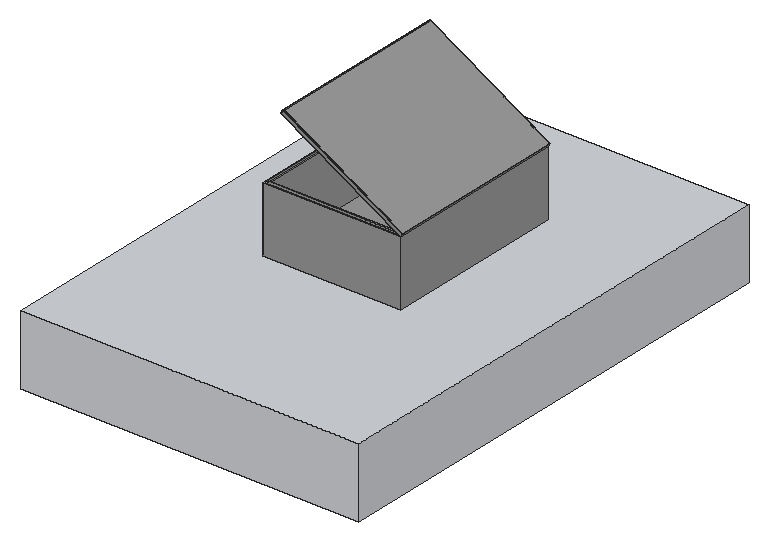
Revit family "Hager-Orion_Inox-IP65-D300-Cl.I-Inox_encl-630A-800mm-IT-it", category Equipement électrique, Revit 2020
Family settings
  Hôte = Face
  Configuration du panneau = Deux colonnes, circuits au sein
  Cote de connecteur circulaire = Utiliser le diamètre
  Type d'élément = Tableau de raccordement
  Couper avec des vides une fois chargée = Non
  Partagée = Non
  Point de calcul de pièce = Non
Parameters (values of type "incassato IP65 L600 A800 P300  - FL729BW")
  Width Control [instance] = if([EF000008 - Larghezza] > Min Width, [EF000008 - Larghezza], Min Width)  # 600 mm
  Commentaires du type = [HG000003 - Gamma]  # "Orion Inox"
  Thickness Door [instance] = if([EF009171 - spessore materiale porta/coperchio] > 3 mm, 3 mm, [EF009171 - spessore materiale porta/coperchio])  # 1.5 mm
  Seal Frame Offset [instance] = 17 mm  # constant formula
  Model = ""
  Min Width [instance] = 100 mm  # constant formula
  Min Height [instance] = 100 mm  # constant formula
  Min Depth [instance] = (2 * [EF009170 - spessore materiale scatola]) + 1 mm  # 3.4 mm
  Internal Frame Depth [instance] = (Door System Depth * 0.5)  # 9 mm
  Height Control [instance] = if([EF000040 - Altezza] > Min Height, [EF000040 - Altezza], Min Height)  # 800 mm
  HG000027 - Altezza dello zoccolo = 0 mm
  HG000026 - A pavimento = no
  HG000024 - Altezza della sezione inferiore = 800 mm
  HG000023 - Custodia a doppia sezione = no
  HG000016 - Visibilità delle porte nella vista 3D [instance] = yes
  HG000015 - Visibilità attraverso la porta [instance] = no
  HG000014 - Porta destra [instance] = yes
  HG000013 - Porta sinistra [instance] = not([HG000014 - Porta destra])  # no
  HG000012 - Angolo di apertura della porta [instance] = 30.00°
  HG000010 - Porte asimmetriche = no
  HG000009 - Porta doppia a battente = no
  HG000006 - Ad incasso = yes
  HG000004 - Codice produttore = "FL729BW"
  HG000003 - Gamma = "Orion Inox"
  HG000002 - Con porta = yes
  Frame Offset Bottom [instance] = 10 mm  # constant formula
  Frame Offset [instance] = 15 mm  # constant formula
  EF015940 - Coprire con rilascio di sovrapressione = no
  EF011959 - tipo di protezione (NEMA) = ""
  EF009554 - numero delle aperture per la piastra della flangia = 2
  Fabricant = "Hager"  # constant formula
  EF009212 - esecuzione coperchio = "EV009916 - con taglio"
  EF009171 - spessore materiale porta/coperchio = 1.5 mm
  EF009170 - spessore materiale scatola = 1.2 mm
  EF008873 - corrente nominale (In) = 630 A
  EF007800 - adatto per parafulmine = no
  EF006306 - con serratura = yes
  EF006244 - coperchio/porta trasparente = no
  EF005474 - grado di protezione (IP) = "EV006421 - IP65"
  EF004464 - tipo di porta = "EV002646 - singolo"
  EF004427 - numero di moduli = 0
  EF004293 - resistenza agli urti = "EV008784 - IK10"
  EF003532 - adatto per uso esterno = yes
  EF002950 - Numero moduli DIN = 0
  EF001613 - Integrità del circuito = ""
  EF001596 - Attacco Lampada = "EV000166 - acciaio inossidabile"
  EF001131 - profondità interna = 200 mm
  EF001088 - possibilità di applicazione = no
  EF000437 - numero di ingressi per conduttori = 2
  EF000339 - tipo di copertura = "EV004216 - porta"
  EF000266 - numero di file = 0
  EF000218 - profondità di incasso = 0 mm
  EF000118 - con piastra di montaggio = yes
  EF000116 - numero RAL = ""
  EF000049 - profondità = 300 mm
  EF000040 - Altezza = 800 mm
  EF000008 - Larghezza = 600 mm
  EF000007 - colore = "EV000154 - altri"
  EF000003 - Tipo di montaggio = "EV001247 - apparente/incassato"
  Door System Leaf Tolerance [instance] = 1.5 mm  # constant formula
  Door System Depth [instance] = 18 mm  # constant formula
  Depth Control [instance] = if([EF000049 - profondità] > Min Depth, [EF000049 - profondità], Min Depth)  # 300 mm
  Default Elevation = 0 mm
Types (2, lengths in mm): name | HG000006 - Ad incasso
  apparente IP65 L600 A800 P300  - FL729BW | no
  incassato IP65 L600 A800 P300  - FL729BW | yes
Reference planes
  plane 1 "Center (Front/Back)": y = 0
  plane 2: z = 0
  plane 3 "Center (Left/Right)": x = 0
  plane 4: z = 300
  plane 5: y = 1.2
  plane 6: y = 400
  plane 7: y = 0
  plane 8: y = 800
  plane 9: z = 0
  plane 10: x = -285
  plane 11: x = 285
  plane 12: x = 283.8
  plane 13: x = -283.8
  plane 14: y = 798.8
  plane 15: x = -283
  plane 16: x = -300
  plane 17: x = 283
  plane 18: x = 300
  plane 19: x = 298.8
  plane 20: x = -298.8
  plane 21: y = 11.2
  plane 22: y = 800
  plane 23: y = 783.8
  plane 24: z = 282
  plane 25: z = 1.2
  plane 26: z = 280.8
  plane 27: z = 298.8
Forms (mm)
  Extrusion 1, solid
    sketch origin (0, 0, 0) x (1, 0, 0) y (0, 1, 0)
      loop
        line (-702.964, 1305) -> (-702.964, -811.445) -> (766.763, -811.445) -> (766.763, 1305) -> (-702.964, 1305)
    from 0 to -304.8
  Extrusion 2, solid, material "Hager_Stainless_Steel", detail levels medium+fine
    sketch origin (0, 0, 0) x (1, 0, 0) y (0, 1, 0)
      loop
        line (-300, 0) -> (300, 0) -> (300, 800) -> (-300, 800) -> (-300, 0)
    from 0 to 282
  Extrusion 3, solid, material "Hager_Steel_RAL 7035_Light_Grey", not visible, detail levels medium+fine
    sketch origin (0, 28.16, 50.802) x (0, 1, 0) y (0, 0, 1)
      loop
        line (423.34, -50.802) -> (423.34, 237.998)
        arc (423.34, 237.998) -> (420.411, 245.069) -> (413.34, 247.998) r 10
        line (413.34, 247.998) -> (383.34, 247.998) -> (383.34, -50.802) -> (423.34, -50.802)
    from -298.8 to 298.8
  Extrusion 4, void
    sketch origin (0, 0, 0) x (1, 0, 0) y (0, 1, 0)
      loop
        line (-298.8, 1.2) -> (298.8, 1.2) -> (298.8, 798.8) -> (-298.8, 798.8) -> (-298.8, 1.2)
    from 1.2 to 280.8
  Extrusion 5, void
    sketch origin (-381.607, -4572, 282) x (0, -1, 0) y (-1, 0, 0)
      loop
        line (-4583.2, -97.807) -> (-5355.8, -97.807) -> (-5355.8, -665.407) -> (-4583.2, -665.407) -> (-4583.2, -97.807)
    from 0 to 1.2 <- "EF009170 - spessore materiale scatola"
  Extrusion 6, solid, material "Hager_Stainless_Steel", detail levels fine
    sketch origin (-381.607, -4572, 282) x (-1, 0, 0) y (0, -1, 0)
      loop
        line (-97.807, -4583.2) -> (-665.407, -4583.2) -> (-665.407, -5355.8) -> (-97.807, -5355.8) -> (-97.807, -4583.2)
      loop
        line (-97.107, -4581.7) -> (-666.107, -4581.7) -> (-666.107, -5357.3) -> (-97.107, -5357.3) -> (-97.107, -4581.7)
    from 0 to 9 <- "Internal Frame Depth"
  Extrusion 7, solid, material "Hager_Stainless_Steel", detail levels coarse
    sketch origin (0, 0, 0) x (1, 0, 0) y (0, 1, 0)
      loop
        line (-300, 0) -> (300, 0) -> (300, 800) -> (-300, 800) -> (-300, 0)
    from 0 to 300
Cuts and joins
  Extrusion 4, Extrusion 5 cuts Extrusion 2
Lines and regions (mm)
  Masking region 1
    outline origin (0, 0, 0) x (1, 0, 0) y (0, 0, 1)
      loop
        line (-300, 300) -> (-300, 0) -> (300, 0) -> (300, 300) -> (-300, 300)
  Masking region 2, detail levels medium+fine
    outline origin (0, 140, 0) x (0, 1, 0) y (0, 0, 1)
      loop
        line (-140, 0) -> (660, 0) -> (660, 282) -> (-140, 282) -> (-140, 0)
  Masking region 3, not visible, detail levels medium+fine
    outline origin (0, 297.922, 0) x (0, 1, 0) y (0, 0, 1)
      loop
        line (113.578, 0) -> (153.578, 0) -> (153.578, 288.8)
        arc (153.578, 288.8) -> (150.649, 295.871) -> (143.578, 298.8) r 10
        line (143.578, 298.8) -> (113.578, 298.8) -> (113.578, 0)
  Masking region 4, detail levels coarse
    outline origin (0, 0, 180) x (0, 1, 0) y (0, 0, 1)
      loop
        line (0, -180) -> (800, -180) -> (800, 120) -> (0, 120) -> (0, -180)
  Masking region 5
    outline origin (-381.607, -4572, 282) x (-1, 0, 0) y (0, -1, 0)
      loop
        line (-81.607, -5372) -> (-81.607, -4572) -> (-681.607, -4572) -> (-681.607, -5372) -> (-81.607, -5372)
Dimensions and locks
  "Depth Control": plane 4 to Extrusion 1
  "EF009170 - spessore materiale scatola": plane 5 to plane 7
  locked: connector elem to plane 3 "Center (Left/Right)"
  equal spacing: plane 8, plane 6, plane 7
  locked: connector elem to plane 6
  "EF009170 - spessore materiale scatola": plane 8 to plane 14
  "EF009170 - spessore materiale scatola": plane 10 to plane 13
  "EF009170 - spessore materiale scatola": plane 12 to plane 11
  "Frame Offset": plane 20 to plane 13
  "Frame Offset": plane 12 to plane 19
  "EF009170 - spessore materiale scatola": plane 16 to plane 20
  "EF009170 - spessore materiale scatola": plane 19 to plane 18
  "Seal Frame Offset": plane 16 to plane 15
  "Seal Frame Offset": plane 17 to plane 18
  "Frame Offset Bottom": plane 21 to plane 5
  "Frame Offset": plane 14 to plane 23
  equal spacing: plane 16, plane 3 "Center (Left/Right)", plane 18
  "Width Control": plane 16 to plane 18
  "EF009170 - spessore materiale scatola": plane 4 to plane 27
  "EF009170 - spessore materiale scatola": plane 24 to plane 26
  "EF009170 - spessore materiale scatola": plane 25 to level
  "Door System Depth": plane 4 to plane 24
  "Height Control": plane 1 "Center (Front/Back)" to Extrusion 7 sketch curve
  "Height Control": Masking region 4 sketch curve to plane 1 "Center (Front/Back)"
  "Thickness Door": Extrusion 6 sketch curve to plane 15
  "Thickness Door": plane 21 to Extrusion 6 sketch curve
  "Thickness Door": plane 17 to Extrusion 6 sketch curve
  "Thickness Door": Extrusion 6 sketch curve to plane 23
  "Height Control": plane 1 "Center (Front/Back)" to plane 22
  radius of Masking region 3 sketch curve = 10 mm
  radius of Extrusion 3 sketch curve = 10 mm
  aligned and locked: plane 2 to Extrusion 1
  aligned and locked: level to Extrusion 1
  aligned and locked: level to Masking region 1 sketch curve
  aligned and locked: Masking region 1 sketch curve to plane 18
  aligned and locked: Masking region 1 sketch curve to plane 16
  aligned and locked: plane 7 to Masking region 2 sketch curve
  aligned and locked: level to Masking region 3 sketch curve
  aligned and locked: Masking region 3 sketch curve to plane 27
  aligned and locked: level to Masking region 2 sketch curve
  aligned and locked: Extrusion 2 sketch curve to plane 7
  aligned and locked: plane 16 to Extrusion 2 sketch curve
  aligned and locked: plane 18 to Extrusion 2 sketch curve
  aligned and locked: Extrusion 3 sketch curve to level
  aligned and locked: plane 27 to Extrusion 3 sketch curve
  aligned and locked: plane 20 to Extrusion 3
  aligned and locked: plane 19 to Extrusion 3
  aligned and locked: plane 20 to Extrusion 4 sketch curve
  aligned and locked: plane 19 to Extrusion 4 sketch curve
  aligned and locked: Extrusion 4 sketch curve to plane 5
  aligned and locked: Extrusion 4 to plane 25
  aligned and locked: plane 26 to Extrusion 4
  aligned and locked: plane 24 to Extrusion 2
  aligned and locked: Extrusion 5 sketch curve to plane 21
  aligned and locked: Extrusion 5 sketch curve to plane 13
  aligned and locked: Extrusion 5 sketch curve to plane 12
  aligned and locked: plane 18 to Extrusion 7 sketch curve
  aligned and locked: plane 1 "Center (Front/Back)" to Extrusion 7 sketch curve
  aligned and locked: plane 16 to Extrusion 7 sketch curve
  aligned and locked: plane 4 to Extrusion 7
  aligned and locked: Extrusion 7 to level
  aligned and locked: level to Masking region 4 sketch curve
  aligned and locked: Masking region 4 sketch curve to plane 1 "Center (Front/Back)"
  aligned and locked: Masking region 4 sketch curve to plane 4
  aligned and locked: nested 1 to level
  aligned and locked: nested 1 to plane 16
  aligned and locked: plane 8 to Extrusion 2 sketch curve
  aligned and locked: plane 23 to Extrusion 5 sketch curve
  aligned and locked: plane 14 to Extrusion 4 sketch curve
  aligned and locked: Extrusion 6 sketch curve to plane 21
  aligned and locked: plane 13 to Extrusion 6 sketch curve
  aligned and locked: plane 23 to Extrusion 6 sketch curve
  aligned and locked: plane 12 to Extrusion 6 sketch curve
  aligned and locked: Masking region 2 sketch curve to plane 8
  aligned and locked: Masking region 2 sketch curve to plane 24
  aligned and locked: nested 2 to plane 3 "Center (Left/Right)"
  aligned and locked: nested 2 to plane 24
  aligned and locked: Masking region 5 sketch curve to plane 1 "Center (Front/Back)"
  aligned and locked: Masking region 5 sketch curve to plane 18
  aligned and locked: Masking region 5 sketch curve to plane 22
  aligned and locked: Masking region 5 sketch curve to plane 16
  aligned and locked: plane 8 to plane 22
  aligned and locked: plane 7 to plane 1 "Center (Front/Back)"
  aligned and locked: nested 2 to plane 1 "Center (Front/Back)"
Automatic sketch dimensions
  Extrusion 1 sketch curve to Extrusion 1 sketch curve = 1469.727 mm
  Extrusion 1 sketch curve to Extrusion 1 sketch curve = 2116.445 mm
  plane 6 to Masking region 3 sketch curve = 11.5 mm
  Masking region 3 sketch curve to Masking region 3 sketch curve = 30 mm
  plane 6 to Extrusion 3 sketch curve = 11.5 mm
  Extrusion 3 sketch curve to Extrusion 3 sketch curve = 30 mm
  Masking region 1 sketch curve to plane 4 = 0 mm
Nested families
  nested 1: "Hager_Enclosure_Symbol" at (-300, 0, 0) x (1, 0, 0) z (0, -1, 0), Height <- "Depth Control", Width <- "Width Control", type "Hager_Enclosure_Symbol"
    with Width_Ctrl 600 mm, Width 600 mm, Height_Ctrl 300 mm, Height 300 mm, A_Width_Int 19.688 mm, A_Width 236.25 mm, A_Height_Ctrl 262.5 mm, A_Height 262.5 mm
  nested 2: "EC000058_OrionInox_Door" at (0, 800, 282) x (1, 0, 0) z (0, -1, 0), Leaf_Tolerance <- "Door System Leaf Tolerance", Angle <- "HG000012 - Angolo di apertura della porta", Door_Depth <- "Door System Depth", Door_Left <- "HG000013 - Porta sinistra", Transparent <- "EF006244 - coperchio/porta trasparente", Assymetrical <- "HG000010 - Porte asimmetriche", Width <- "Width Control", Clearance <- "HG000015 - Visibilità attraverso la porta", Double <- "HG000009 - Porta doppia a battente", 3d_Door <- "HG000016 - Visibilità delle porte nella vista 3D", Width_Ctrl <- "Width Control", Door_Right <- "HG000014 - Porta destra", Door <- "HG000002 - Con porta", Height <- "Height Control", Thickness <- "Thickness Door", type "EC000058_OrionInox_Door", detail levels medium+fine
    with min_wh 4 mm, Width_Ctrl 600 mm, Width 600 mm, Transparent no, Thickness 1.5 mm, Seal_Material Hager_Rubber, Leaf_Width 600 mm, Leaf_Tolerance_External_Sides 0 mm, Leaf_Tolerance 1.5 mm, Leaf_Offset 0 mm, Leaf_Height 797 mm, Leaf_2_Width 600 mm, Leaf_2_Offset 300 mm, Leaf_1_Width 600 mm, Leaf_1_Offset 300 mm, Height_Ctrl 800 mm, Height 800 mm, Glass_Material Hager_Glass, Double_Clearance_Ctrl no, Double no, Door_Right_Ctrl yes, Door_Right yes, Door_Material Hager_Stainless_Steel, Door_Left_Ctrl no, Door_Left no, Door_Depth 18 mm, Door yes, Clearance_Material Hager_Clearance, Clearance_Depth 600 mm, Clearance_Ctrl no, Clearance no, Assymetrical no, Angle 30.00°, 3d_Door yes
Connectors
  electrical at (0, 400, 0)
    settings: on plane 9, index 1, voltage 0 V, apparent load 0 VA, apparent load phase1 0 VA, apparent load phase2 0 VA, apparent load phase3 0 VA, power factor 1, load classification "Other", number of poles 1, system type 30, power factor state 1, is connector primary yes, connector utility no, sub classification motor no, connector description ""
Definition of nested family "EC000058_OrionInox_Door"
  Parameters (values of type "EC000058_OrionInox_Door")
    min_wh [instance] = (2 * Thickness) + 1 mm  # 11 mm
    Width_Ctrl [instance] = 400 mm
    Width [instance] = 500 mm
    Transparent [instance] = yes
    Thickness [instance] = 5 mm
    Seal_Material [instance] = none
    Leaf_Width [instance] = if((Width_Ctrl - 2 * Leaf_Tolerance_External_Sides) > 0 mm, (Width_Ctrl - 2 * Leaf_Tolerance_External_Sides), min_wh)  # 400 mm
    Leaf_Tolerance_External_Sides [instance] = 0 mm  # constant formula
    Leaf_Tolerance [instance] = 1.5 mm
    Leaf_Offset [instance] = 0 mm  # constant formula
    Leaf_Height [instance] = if((Height_Ctrl - 2 * Leaf_Tolerance) > 0 mm, (Height_Ctrl - 2 * Leaf_Tolerance), min_wh)  # 497 mm
    Leaf_2_Width [instance] = if(and(and(Double, Assymetrical), Door_Left), (Leaf_Width / 3) - (Leaf_Tolerance / 2), if(and(and(Double, Assymetrical), Door_Right), (Leaf_Width / 3) * 2 - (Leaf_Tolerance / 2), if(and(Double, not(Assymetrical)), (Leaf_Width / 2) - Leaf_Tolerance, Leaf_Width)))  # 400 mm
    Leaf_2_Offset [instance] = if(and(Double, Assymetrical), Leaf_2_Width / 2, if(and(Double, not(Assymetrical)), Leaf_Width / 4, Leaf_Width / 2))  # 200 mm
    Leaf_1_Width [instance] = if(and(and(Double, Assymetrical), Door_Right), (Leaf_Width / 3) - (Leaf_Tolerance / 2), if(and(and(Double, Assymetrical), Door_Left), (Width / 3) * 2 - (Leaf_Tolerance / 2), if(and(Double, not(Assymetrical)), (Leaf_Width / 2) - Leaf_Tolerance, Leaf_Width)))  # 400 mm
    Leaf_1_Offset [instance] = if(and(Double, Assymetrical), Leaf_1_Width / 2, if(and(Double, not(Assymetrical)), Leaf_Width / 4, Leaf_Width / 2))  # 200 mm
    Height_Ctrl [instance] = if(Height > min_wh, Height, min_wh)  # 500 mm
    Height [instance] = 500 mm
    Glass_Material [instance] = none
    Double_Clearance_Ctrl [instance] = and(Double, Clearance)  # no
    Double [instance] = no
    Door_Right_Ctrl [instance] = and(or(Door_Right, Double), Door)  # yes
    Door_Right [instance] = yes
    Door_Material [instance] = none
    Door_Left_Ctrl [instance] = and(or(Door_Left, Double), Door)  # no
    Door_Left [instance] = no
    Door_Depth [instance] = 30 mm
    Door [instance] = yes
    Default Elevation = 1219.2 mm
    Clearance_Material [instance] = none
    Clearance_Depth [instance] = if(Leaf_1_Width > Leaf_2_Width, Leaf_1_Width, Leaf_2_Width)  # 400 mm
    Clearance_Ctrl [instance] = and(not(Double), Clearance)  # yes
    Clearance [instance] = yes
    Assymetrical [instance] = yes
    Angle [instance] = 30.00°
    3d_Door [instance] = yes
  Reference planes
    plane 1 "Center (Front/Back)": y = 0
    plane 2 "Bottom": z = 0
    plane 3 "Center (Left/Right)": x = 0
    plane 4: z = 500
    plane 5: x = -200
    plane 6: x = 200
    plane 7: z = 500
    plane 8: x = -200
    plane 9: z = 0
    plane 10: x = 200
    plane 11: y = 0
    plane 12: z = 1.5
    plane 13: x = -600
    plane 14: y = -400
    plane 15: x = 600
    plane 16: x = 0
    plane 17: x = 0
    plane 18: x = -200
    plane 19: x = 200
    plane 20: z = 498.5
  Forms (mm)
    Extrusion 1, solid, material <- "Clearance_Material", visible <- "Double_Clearance_Ctrl"
      sketch origin (1200, 0, 0) x (1, 0, 0) y (0, 0, -1)
        loop
          line (-1800, -498.5) -> (-600, -498.5) -> (-600, 0) -> (-1800, 0) -> (-1800, -498.5)
      from 0 to -400
  Dimensions and locks
    equal spacing: plane 5, plane 3 "Center (Left/Right)", plane 6
    "Width_Ctrl": plane 5 to plane 6
    "Leaf_Offset": plane 5 to plane 8
    "Leaf_Offset": plane 6 to plane 10
    "Leaf_Offset": plane 9 to level
    "Leaf_Offset": plane 4 to plane 7
    "Height_Ctrl": plane 4 to level
    "Leaf_Tolerance": plane 12 to plane 9
    locked: plane 11 to plane 1 "Center (Front/Back)"
    "Leaf_1_Offset": plane 18 to plane 16
    "Leaf_2_Offset": plane 17 to plane 19
    "Leaf_1_Width": plane 13 to plane 8
    "Leaf_2_Width": plane 10 to plane 15
    "Clearance_Depth": plane 14 to plane 1 "Center (Front/Back)"
    "Leaf_Tolerance_External_Sides": plane 8 to plane 18
    "Leaf_Tolerance_External_Sides": plane 19 to plane 10
    "Leaf_Tolerance": plane 7 to plane 20
    aligned and locked: level to plane 2 "Bottom"
    aligned and locked: nested 1 to plane 16
    aligned and locked: nested 2 to plane 17
    aligned and locked: Extrusion 1 to plane 13
    aligned and locked: plane 15 to Extrusion 1
    aligned and locked: Extrusion 1 to plane 14
    aligned and locked: plane 12 to nested 1
    aligned and locked: nested 2 to plane 12
    aligned and locked: Extrusion 1 to plane 11
    aligned and locked: plane 20 to Extrusion 1
    aligned and locked: nested 2 to plane 11
    aligned and locked: nested 1 to plane 11
  Automatic sketch dimensions
    Extrusion 1 sketch curve to level = 0 mm
    plane 5 to Extrusion 1 sketch curve = 400 mm
    plane 6 to Extrusion 1 sketch curve = 400 mm
    Extrusion 1 sketch curve to plane 4 = 1.5 mm
  Nested families
    nested 1: "EC000058_OrionInox_Door_Leaf" at (0, 0, 1.5), Width <- "Leaf_1_Width", visible <- "Door_Left_Ctrl", Leaf_Height <- "Leaf_Height", Angle <- "Angle", 3d_Door <- "3d_Door", Transparent <- "Transparent", Clearance Material <- "Clearance_Material", Clearance <- "Clearance_Ctrl", Door_Material <- "Door_Material", Glass_Material <- "Glass_Material", Door_Depth <- "Door_Depth", Seal_Material <- "Seal_Material", Thickness <- "Thickness", type "EC000058_OrionInox_Door_Leaf"
      with Width 400 mm, Transparent_Ctrl yes, Transparent yes, Thickness 5 mm, Standard no, Seal_Material none, Seal_D2 8 mm, Seal_D1 1 mm, Offset_Internal_Frame 10 mm, Lock_Width 28 mm, Lock_Thickness 2 mm, Lock_Radius 6 mm, Leaf_Height 497 mm, Internal_Seal_Thickness 8 mm, Internal_Seal_Depth_2 4.5 mm, Internal_Frame_Depth 25 mm, Glass_Thickness -1 mm, Glass_Offset -2 mm, Glass_Material none, Door_Material none, Door_Depth 30 mm, Clearance Material none, Clearance yes, Angle_Ctrl 30.00°, Angle 30.00°, 3d_Door yes
    nested 2: "EC000058_OrionInox_Door_Leaf" at (0, 0, 1.5) x (-1, 0, 0) z (0, 0, 1), Width <- "Leaf_2_Width", visible <- "Door_Right_Ctrl", Leaf_Height <- "Leaf_Height", Angle <- "Angle", 3d_Door <- "3d_Door", Transparent <- "Transparent", Clearance Material <- "Clearance_Material", Clearance <- "Clearance_Ctrl", Door_Material <- "Door_Material", Glass_Material <- "Glass_Material", Door_Depth <- "Door_Depth", Seal_Material <- "Seal_Material", Thickness <- "Thickness", type "EC000058_OrionInox_Door_Leaf"
      with Width 400 mm, Transparent_Ctrl yes, Transparent yes, Thickness 5 mm, Standard no, Seal_Material none, Seal_D2 8 mm, Seal_D1 1 mm, Offset_Internal_Frame 10 mm, Lock_Width 28 mm, Lock_Thickness 2 mm, Lock_Radius 6 mm, Leaf_Height 497 mm, Internal_Seal_Thickness 8 mm, Internal_Seal_Depth_2 4.5 mm, Internal_Frame_Depth 25 mm, Glass_Thickness -1 mm, Glass_Offset -2 mm, Glass_Material none, Door_Material none, Door_Depth 30 mm, Clearance Material none, Clearance yes, Angle_Ctrl 30.00°, Angle 30.00°, 3d_Door yes
  Definition of nested family "EC000058_OrionInox_Door_Leaf"
    Parameters (values of type "EC000058_OrionInox_Door_Leaf")
      Width [instance] = 450 mm
      Transparent_Ctrl [instance] = and(Transparent, [3d_Door])  # yes
      Transparent [instance] = yes
      Thickness [instance] = 5 mm
      Standard [instance] = and(not(Transparent), [3d_Door])  # no
      Seal_Material [instance] = none
      Seal_D2 [instance] = 8 mm  # constant formula
      Seal_D1 [instance] = 1 mm  # constant formula
      Offset_Internal_Frame [instance] = 10 mm  # constant formula
      Lock_Width [instance] = Door_Depth - Lock_Thickness  # 28 mm
      Lock_Thickness [instance] = 2 mm  # constant formula
      Lock_Radius [instance] = 6 mm  # constant formula
      Leaf_Height [instance] = 450 mm
      Internal_Seal_Thickness [instance] = 8 mm  # constant formula
      Internal_Seal_Depth_2 [instance] = 4.5 mm  # constant formula
      Internal_Frame_Depth [instance] = if(Door_Depth - Thickness > 5 mm, Door_Depth - Thickness, 5 mm)  # 25 mm
      Glass_Thickness [instance] = if(Thickness > 15 mm, Glass_Offset + 10 mm, -1 mm)  # -1 mm
      Glass_Offset [instance] = if(Thickness > 15 mm, -(Thickness + 10 mm) / 2, -2 mm)  # -2 mm
      Glass_Material [instance] = none
      Door_Material [instance] = none
      Door_Depth [instance] = 30 mm
      Default Elevation = 0 mm
      Clearance Material [instance] = none
      Clearance [instance] = yes
      Angle_Ctrl [instance] = if(Angle > 180.00°, 180.00°, Angle)  # 90.00°
      Angle [instance] = 90.00°
      3d_Door [instance] = yes
    Reference planes
      plane 1 "Center (Front/Back)": y = 0
      plane 2: z = 0
      plane 3 "Center (Left/Right)": x = 0
      plane 4: y = 450
      plane 5: x = -225
      plane 6: x = 225
      plane 7: x = -675
      plane 8: z = 450
      plane 9: z = 30
      plane 10: z = 420
      plane 11: x = 195
      plane 12: x = -195
      plane 13: y = -3
      plane 14: z = 107.833
      plane 15: y = -5
      plane 16: y = -223.314
      plane 17: x = -225
      plane 18: y = 30
    Forms (mm)
      Extrusion 1, solid, material <- "Clearance Material", visible <- "Clearance"
        sketch origin (0, 0, 0) x (1, 0, 0) y (0, 0, 1)
          loop
            line (-675, 450) -> (-675, 0) -> (225, 0) -> (225, 450) -> (-675, 450)
        from 0 to -450
      Extrusion 2, solid, material <- "Door_Material", visible <- "Standard", detail levels medium+fine
        sketch origin (-225, 0, 0) x (0, 1, 0) y (-1, 0, 0)
          loop
            line (0, 30) -> (0, 25) -> (450, 25) -> (450, 30) -> (0, 30)
        from 0 to 450 <- "Leaf_Height"
      Extrusion 3, solid, material <- "Door_Material", visible <- "Transparent_Ctrl", detail levels medium+fine
        sketch origin (-225, 0, 0) x (0, 1, 0) y (-1, 0, 0)
          loop
            line (0, 25) -> (450, 25) -> (450, 30) -> (0, 30) -> (0, 25)
        from 0 to 450 <- "Leaf_Height"
      Extrusion 4, void
        sketch origin (-250, 450, 0) x (0, 1, 0) y (0, 0, -1)
          loop
            line (-30, -420) -> (-30, -30) -> (-420, -30) -> (-420, -420) -> (-30, -420)
        from 0 to 5 <- "Thickness"
      Sweep 5, solid, material <- "Seal_Material", visible <- "Transparent_Ctrl", detail levels fine
        path in 3D
          loop
            line (-250, 30, 30) -> (-250, 30, 420) -> (-250, 420, 420) -> (-250, 420, 30) -> (-250, 30, 30)
        profile origin (-250, 225, 30) x (1, 0, 0) y (0, 0, 1)
          loop
            line (0, 0) -> (0, -8) -> (1, -8) -> (1, 0) -> (0, 0)
      Extrusion 6, solid, material <- "Glass_Material", visible <- "Transparent_Ctrl", detail levels medium+fine
        sketch origin (-255, 0, 0) x (0, 1, 0) y (0, 0, -1)
          loop
            line (420, -420) -> (420, -30) -> (30, -30) -> (30, -420) -> (420, -420)
        from -2 <- "Glass_Offset" to -1 <- "Glass_Thickness"
      Extrusion 7, solid, material <- "Door_Material", visible <- "3d_Door", detail levels medium+fine
        sketch origin (-250, 450, 0) x (0, -1, 0) y (0, 0, -1)
          loop
            line (0, -450) -> (450, -450) -> (450, 0) -> (0, 0) -> (0, -450)
          loop
            line (445, -5) -> (5, -5) -> (5, -445) -> (445, -445) -> (445, -5)
        from 0 to 25 <- "Internal_Frame_Depth"
      Sweep 8, solid, material <- "Seal_Material", visible <- "Transparent_Ctrl", detail levels fine
        path in 3D
          loop
            line (-250, 0, 0) -> (-250, 450, 0) -> (-250, 450, 450) -> (-250, 0, 450) -> (-250, 0, 0)
        profile origin (-250, 0, 225) x (1, 0, 0) y (0, 1, 0)
          loop
            line (0, 10) -> (2.975, 10)
            arc (2.975, 10) -> (4.053, 10.447) -> (4.5, 11.525) r 1.525
            line (4.5, 11.525) -> (4.5, 16.527)
            arc (4.5, 16.527) -> (4.069, 17.569) -> (3.027, 18) r 1.473
            line (3.027, 18) -> (0, 18) -> (0, 10)
    Cuts and joins
      Extrusion 4 cuts Extrusion 3
    Lines and regions (mm)
      Masking region 1, detail levels medium+fine
        outline origin (0, 0, 0) x (0, 1, 0) y (0, 0, 1)
          loop
            line (0, 0) -> (30, 0) -> (30, 450) -> (0, 450) -> (0, 0)
      Masking region 2, detail levels medium+fine
        outline origin (0, 0, 0) x (1, 0, 0) y (0, 0, 1)
          loop
            line (-225, 450) -> (-225, 0) -> (225, 0) -> (225, 450) -> (-225, 450)
      symbolic lines
        curve 1: line (225, 0, 0) -> (-675, 0, 0)
        curve 2: arc (225, 0, 0) -> (-225, 450, 0) -> (-675, 0, 0) r 450
        curve 4: line (-255, 0, 0) -> (-255, 450, 0)
      reference lines
        curve 3: line (-225, 0, 0) -> (-225, 450, 0)
      symbolic lines, detail levels medium+fine
        curve 5: line (-255, 450, 0) -> (-250, 450, 0)
        curve 7: line (-250, 0, 0) -> (-255, 0, 0)
        curve 8: line (-250, 0, 0) -> (-225, 0, 0)
        curve 9: line (-225, 0, 0) -> (-225, 450, 0)
        curve 10: line (-225, 450, 0) -> (-250, 450, 0)
      symbolic lines, detail levels fine
        curve 6: line (-250, 450, 0) -> (-250, 0, 0)
      sketch lines
        curve 11: line (-250, 0, 450) -> (-250, 0, 0)
        curve 12: line (-250, 450, 0) -> (-250, 0, 0)
        curve 13: line (-250, 450, 450) -> (-250, 450, 0)
        curve 14: line (-250, 0, 450) -> (-250, 450, 450)
        curve 15: line (-250, 420, 30) -> (-250, 30, 30)
        curve 16: line (-250, 30, 30) -> (-250, 30, 420)
        curve 17: line (-250, 420, 420) -> (-250, 420, 30)
        curve 18: line (-250, 30, 420) -> (-250, 420, 420)
      symbolic lines, visible <- "Transparent", detail levels medium+fine
        curve 19: line (-195, 0, 420) -> (195, 0, 420)
        curve 20: line (-195, 0, 30) -> (-195, 0, 420)
        curve 21: line (195, 0, 30) -> (-195, 0, 30)
        curve 22: line (195, 0, 420) -> (195, 0, 30)
    Dimensions and locks
      "Width": plane 1 "Center (Front/Back)" to plane 4
      equal spacing: plane 5, plane 3 "Center (Left/Right)", plane 6
      "Width": plane 5 to plane 6
      "Width": plane 7 to plane 5
      "Leaf_Height": plane 8 to level
      "Width": curve 5 to curve 3
      "Width": curve 3 to curve 3
      plane 8 to plane 10 = 30 mm
      plane 9 to level = 30 mm
      plane 12 to plane 5 = 30 mm
      plane 6 to plane 11 = 30 mm
      Extrusion 4 sketch curve to Extrusion 3 = 30 mm
      Extrusion 3 to Extrusion 4 sketch curve = 30 mm
      Extrusion 1 to Extrusion 4 sketch curve = 30 mm
      curve 3 to Extrusion 4 sketch curve = 30 mm
      Extrusion 4 sketch curve to cut or joined group of Extrusion 3, Extrusion 4 = 30 mm
      cut or joined group of Extrusion 3, Extrusion 4 to Extrusion 6 sketch curve = 30 mm
      cut or joined group of Extrusion 3, Extrusion 4 to Extrusion 4 sketch curve = 30 mm
      "Thickness": curve 6 to curve 4
      "Thickness": Extrusion 7 sketch curve to Extrusion 7 sketch curve  (x4)
      "Door_Depth": curve 4 to curve 3
      "Offset_Internal_Frame": profile plane to Sweep 8 sketch curve
      "Internal_Seal_Thickness": Sweep 8 sketch curve to Sweep 8 sketch curve
      "Internal_Seal_Depth_2": profile plane to Sweep 8 sketch curve
      "Seal_D1": profile plane to Sweep 5 sketch curve
      "Seal_D2": profile plane to Sweep 5 sketch curve
      "Thickness": Extrusion 2 sketch curve to Extrusion 2 sketch curve
      "Door_Depth": plane 18 to plane 1 "Center (Front/Back)"
      radius of Sweep 8 sketch curve = 1.525 mm
      radius of Sweep 8 sketch curve = 1.473 mm
      "Angle_Ctrl": angle plane 1 "Center (Front/Back)" to curve 3
      aligned and locked: level to plane 2
      aligned and locked: Extrusion 1 to curve 1
      aligned and locked: plane 6 to Extrusion 1
      aligned and locked: plane 1 "Center (Front/Back)" to Extrusion 1
      aligned and locked: plane 4 to Extrusion 1
      aligned and locked: plane 8 to Extrusion 1
      aligned and locked: curve 7 to Extrusion 2 sketch curve
      aligned and locked: curve 5 to Extrusion 2 sketch curve
      aligned and locked: curve 7 to Extrusion 3 sketch curve
      aligned and locked: Extrusion 3 sketch curve to curve 4
      aligned and locked: Extrusion 3 sketch curve to curve 6
      aligned and locked: Extrusion 3 sketch curve to curve 5
      aligned and locked: curve 9 to curve 3
      aligned and locked: Extrusion 7 sketch curve to cut or joined group of Extrusion 3, Extrusion 4  (x4)
      aligned and locked: plane 17 to curve 3
      aligned and locked: plane 1 "Center (Front/Back)" to curve 3
      aligned and locked: plane 17 to plane 5
      aligned and locked: Sweep 8 sketch curve to profile plane
      aligned and locked: Sweep 5 sketch curve to profile plane  (x2)
      aligned and locked: plane 1 "Center (Front/Back)" to Masking region 1 sketch curve
      aligned and locked: plane 18 to Masking region 1 sketch curve
      aligned and locked: level to Masking region 1 sketch curve
      aligned and locked: Masking region 1 sketch curve to plane 8
      aligned and locked: plane 17 to Masking region 2 sketch curve
      aligned and locked: level to Masking region 2 sketch curve
      aligned and locked: Masking region 2 sketch curve to plane 8
      aligned and locked: plane 12 to curve 20
      aligned and locked: plane 10 to curve 19
      aligned and locked: plane 11 to curve 22
      aligned and locked: plane 9 to curve 21
      aligned and locked: Extrusion 2 sketch curve to cut or joined group of Extrusion 3, Extrusion 4
    Automatic sketch dimensions
      plane 1 "Center (Front/Back)" to curve 2 = 0 mm
      curve 2 to plane 5 = 0 mm
      Extrusion 1 sketch curve to level = 0 mm
      Extrusion 1 sketch curve to plane 7 = 0 mm
      Extrusion 1 sketch curve to plane 6 = 0 mm
      Extrusion 1 sketch curve to plane 8 = 0 mm
      Extrusion 3 to Extrusion 6 sketch curve = 30 mm  (x4)
      Masking region 2 sketch curve to plane 6 = 0 mm
      curve 4 to curve 3 = 0 mm
Definition of nested family "Hager_Enclosure_Symbol"
  Parameters (values of type "Hager_Enclosure_Symbol")
    Width_Ctrl [instance] = if(Width > 1 mm, Width, 1 mm)  # 102.27 mm
    Width [instance] = 102.27 mm
    Height_Ctrl [instance] = if(Height > 1 mm, Height, 1 mm)  # 66.5 mm
    A_Width_Int [instance] = if(A_Width / 12 > 2 mm, A_Width / 12, 2 mm)  # 4.364 mm
    A_Width [instance] = if(A_Height_Ctrl * 0.9 > 2 mm, A_Height_Ctrl * 0.9, 2 mm)  # 52.369 mm
    A_Height_Ctrl [instance] = if(A_Height > 2 mm, A_Height, 2 mm)  # 58.188 mm
    Height [instance] = 66.5 mm
    A_Height [instance] = Height - (Height / 8)  # 58.188 mm
  Reference planes
    plane 1 "Centre (avant/arrière)": y = 0
    plane 2: z = 0
    plane 3 "Centre (gauche/droite)": x = 0
    plane 4: x = 52.369
    plane 5: y = 33.042
    plane 6: y = 41.77
    plane 7: y = 66.5
    plane 8: x = 26.184
    plane 9: y = 37.406
    plane 10: x = 102.27
    plane 11: y = 66.5
    plane 12: y = 8.313
  Lines and regions (mm)
    Filled region 1, type "Solid_Black", in view "Niveau de réf."
      outline origin (0, 0, 0) x (1, 0, 0) y (0, 1, 0)
        loop
          line (52.369, 66.5) -> (33.188, 54.536) -> (45.365, 45.006) -> (52.369, 66.5)
    Filled region 2, type "Solid_Black", in view "Niveau de réf."
      outline origin (0, 0, 0) x (1, 0, 0) y (0, 1, 0)
        loop
          line (0, 0) -> (102.27, 0) -> (102.27, 66.5) -> (0, 0)
    detail lines, in view "Niveau de réf."
      curve 1: line (0, 8.313, 0) -> (26.184, 41.77, 0)
      curve 2: line (26.184, 41.77, 0) -> (26.184, 33.042, 0)
      curve 3: line (26.184, 33.042, 0) -> (52.369, 66.5, 0)
  Dimensions and locks
    "A_Width": plane 3 "Centre (gauche/droite)" to plane 4
    equal spacing: plane 3 "Centre (gauche/droite)", plane 8, plane 4
    equal spacing: plane 6, plane 9, plane 5
    equal spacing: curve 3, Filled region 1 sketch curve, Filled region 1 sketch curve
    "Height_Ctrl": plane 1 "Centre (avant/arrière)" to plane 11
    "A_Height_Ctrl": plane 11 to plane 12
    equal spacing: plane 11, plane 9, plane 12
    "A_Width_Int": plane 6 to plane 9
    "Width_Ctrl": plane 3 "Centre (gauche/droite)" to plane 10
    angle Filled region 1 sketch curve to curve 3 = 20.00°
    angle curve 3 to Filled region 1 sketch curve = 20.00°
    locked: curve 3 to Filled region 1 sketch curve (angle 90.00°)
    aligned and locked: plane 10 to Filled region 2
    aligned and locked: plane 11 to Filled region 2 sketch curve
    aligned and locked: plane 10 to Filled region 2 sketch curve
    aligned and locked: plane 3 "Centre (gauche/droite)" to curve 1
    aligned and locked: plane 12 to curve 1
    aligned and locked: plane 7 to plane 11
  Automatic sketch dimensions
    Filled region 1 sketch curve to plane 4 = 0 mm
    Filled region 1 sketch curve to plane 7 = 0 mm
    plane 1 "Centre (avant/arrière)" to Filled region 2 sketch curve = 0 mm
    Filled region 2 sketch curve to plane 3 "Centre (gauche/droite)" = 0 mm
    curve 2 to plane 6 = 0 mm
    curve 2 to plane 8 = 0 mm
    curve 3 to plane 4 = 0 mm
    curve 2 to plane 5 = 0 mm
    curve 3 to plane 7 = 0 mm
